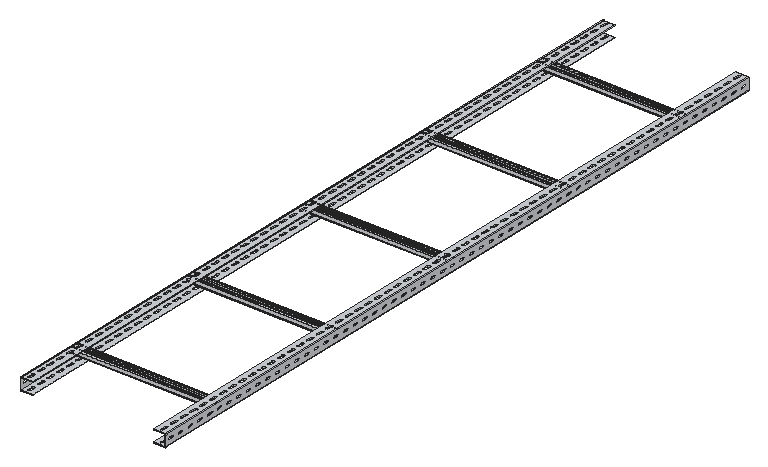
Revit family "steigeleiter_6_FT_FTSO_FTK_A2_A4.600rfa", category Generic Models, Revit 2017 (continued)
Forms (mm)
  Extrusion 150, void
    sketch origin (0, 1400, 0) x (1, 0, 0) y (0, 1, 0)
      loop
        arc (-280.5, 15.5) -> (-275, 10) -> (-269.5, 15.5) r 5.5
        line (-269.5, 15.5) -> (-269.5, 34.5)
        arc (-269.5, 34.5) -> (-275, 40) -> (-280.5, 34.5) r 5.5
        line (-280.5, 34.5) -> (-280.5, 15.5)
    from 0 to 2.5
  Extrusion 151, void
    sketch origin (0, 1450, 0) x (1, 0, 0) y (0, 1, 0)
      loop
        arc (-280.5, 15.5) -> (-275, 10) -> (-269.5, 15.5) r 5.5
        line (-269.5, 15.5) -> (-269.5, 34.5)
        arc (-269.5, 34.5) -> (-275, 40) -> (-280.5, 34.5) r 5.5
        line (-280.5, 34.5) -> (-280.5, 15.5)
    from 0 to 2.5
  Extrusion 152, void
    sketch origin (0, 1500, 0) x (1, 0, 0) y (0, 1, 0)
      loop
        arc (-280.5, 15.5) -> (-275, 10) -> (-269.5, 15.5) r 5.5
        line (-269.5, 15.5) -> (-269.5, 34.5)
        arc (-269.5, 34.5) -> (-275, 40) -> (-280.5, 34.5) r 5.5
        line (-280.5, 34.5) -> (-280.5, 15.5)
    from 0 to 2.5
  Extrusion 153, void
    sketch origin (0, 1550, 0) x (1, 0, 0) y (0, 1, 0)
      loop
        arc (-280.5, 15.5) -> (-275, 10) -> (-269.5, 15.5) r 5.5
        line (-269.5, 15.5) -> (-269.5, 34.5)
        arc (-269.5, 34.5) -> (-275, 40) -> (-280.5, 34.5) r 5.5
        line (-280.5, 34.5) -> (-280.5, 15.5)
    from 0 to 2.5
  Extrusion 154, void
    sketch origin (0, 1600, 0) x (1, 0, 0) y (0, 1, 0)
      loop
        arc (-280.5, 15.5) -> (-275, 10) -> (-269.5, 15.5) r 5.5
        line (-269.5, 15.5) -> (-269.5, 34.5)
        arc (-269.5, 34.5) -> (-275, 40) -> (-280.5, 34.5) r 5.5
        line (-280.5, 34.5) -> (-280.5, 15.5)
    from 0 to 2.5
  Extrusion 155, void
    sketch origin (0, 1650, 0) x (1, 0, 0) y (0, 1, 0)
      loop
        arc (-280.5, 15.5) -> (-275, 10) -> (-269.5, 15.5) r 5.5
        line (-269.5, 15.5) -> (-269.5, 34.5)
        arc (-269.5, 34.5) -> (-275, 40) -> (-280.5, 34.5) r 5.5
        line (-280.5, 34.5) -> (-280.5, 15.5)
    from 0 to 2.5
  Extrusion 156, void
    sketch origin (0, 1700, 0) x (1, 0, 0) y (0, 1, 0)
      loop
        arc (-280.5, 15.5) -> (-275, 10) -> (-269.5, 15.5) r 5.5
        line (-269.5, 15.5) -> (-269.5, 34.5)
        arc (-269.5, 34.5) -> (-275, 40) -> (-280.5, 34.5) r 5.5
        line (-280.5, 34.5) -> (-280.5, 15.5)
    from 0 to 2.5
  Extrusion 157, void
    sketch origin (0, 1750, 0) x (1, 0, 0) y (0, 1, 0)
      loop
        arc (-280.5, 15.5) -> (-275, 10) -> (-269.5, 15.5) r 5.5
        line (-269.5, 15.5) -> (-269.5, 34.5)
        arc (-269.5, 34.5) -> (-275, 40) -> (-280.5, 34.5) r 5.5
        line (-280.5, 34.5) -> (-280.5, 15.5)
    from 0 to 2.5
  Extrusion 158, void
    sketch origin (0, 1800, 0) x (1, 0, 0) y (0, 1, 0)
      loop
        arc (-280.5, 15.5) -> (-275, 10) -> (-269.5, 15.5) r 5.5
        line (-269.5, 15.5) -> (-269.5, 34.5)
        arc (-269.5, 34.5) -> (-275, 40) -> (-280.5, 34.5) r 5.5
        line (-280.5, 34.5) -> (-280.5, 15.5)
    from 0 to 2.5
  Extrusion 159, void
    sketch origin (0, 1850, 0) x (1, 0, 0) y (0, 1, 0)
      loop
        arc (-280.5, 15.5) -> (-275, 10) -> (-269.5, 15.5) r 5.5
        line (-269.5, 15.5) -> (-269.5, 34.5)
        arc (-269.5, 34.5) -> (-275, 40) -> (-280.5, 34.5) r 5.5
        line (-280.5, 34.5) -> (-280.5, 15.5)
    from 0 to 2.5
  Extrusion 160, void
    sketch origin (0, 1900, 0) x (1, 0, 0) y (0, 1, 0)
      loop
        arc (-280.5, 15.5) -> (-275, 10) -> (-269.5, 15.5) r 5.5
        line (-269.5, 15.5) -> (-269.5, 34.5)
        arc (-269.5, 34.5) -> (-275, 40) -> (-280.5, 34.5) r 5.5
        line (-280.5, 34.5) -> (-280.5, 15.5)
    from 0 to 2.5
  Extrusion 161, void
    sketch origin (0, 1950, 0) x (1, 0, 0) y (0, 1, 0)
      loop
        arc (-280.5, 15.5) -> (-275, 10) -> (-269.5, 15.5) r 5.5
        line (-269.5, 15.5) -> (-269.5, 34.5)
        arc (-269.5, 34.5) -> (-275, 40) -> (-280.5, 34.5) r 5.5
        line (-280.5, 34.5) -> (-280.5, 15.5)
    from 0 to 2.5
  Extrusion 162, void
    sketch origin (0, 2000, 0) x (1, 0, 0) y (0, 1, 0)
      loop
        arc (-280.5, 15.5) -> (-275, 10) -> (-269.5, 15.5) r 5.5
        line (-269.5, 15.5) -> (-269.5, 34.5)
        arc (-269.5, 34.5) -> (-275, 40) -> (-280.5, 34.5) r 5.5
        line (-280.5, 34.5) -> (-280.5, 15.5)
    from 0 to 2.5
  Extrusion 163, void
    sketch origin (0, 2050, 0) x (1, 0, 0) y (0, 1, 0)
      loop
        arc (-280.5, 15.5) -> (-275, 10) -> (-269.5, 15.5) r 5.5
        line (-269.5, 15.5) -> (-269.5, 34.5)
        arc (-269.5, 34.5) -> (-275, 40) -> (-280.5, 34.5) r 5.5
        line (-280.5, 34.5) -> (-280.5, 15.5)
    from 0 to 2.5
  Extrusion 164, void
    sketch origin (0, 2100, 0) x (1, 0, 0) y (0, 1, 0)
      loop
        arc (-280.5, 15.5) -> (-275, 10) -> (-269.5, 15.5) r 5.5
        line (-269.5, 15.5) -> (-269.5, 34.5)
        arc (-269.5, 34.5) -> (-275, 40) -> (-280.5, 34.5) r 5.5
        line (-280.5, 34.5) -> (-280.5, 15.5)
    from 0 to 2.5
  Extrusion 165, void
    sketch origin (0, 2150, 0) x (1, 0, 0) y (0, 1, 0)
      loop
        arc (-280.5, 15.5) -> (-275, 10) -> (-269.5, 15.5) r 5.5
        line (-269.5, 15.5) -> (-269.5, 34.5)
        arc (-269.5, 34.5) -> (-275, 40) -> (-280.5, 34.5) r 5.5
        line (-280.5, 34.5) -> (-280.5, 15.5)
    from 0 to 2.5
  Extrusion 166, void
    sketch origin (0, 2200, 0) x (1, 0, 0) y (0, 1, 0)
      loop
        arc (-280.5, 15.5) -> (-275, 10) -> (-269.5, 15.5) r 5.5
        line (-269.5, 15.5) -> (-269.5, 34.5)
        arc (-269.5, 34.5) -> (-275, 40) -> (-280.5, 34.5) r 5.5
        line (-280.5, 34.5) -> (-280.5, 15.5)
    from 0 to 2.5
  Extrusion 167, void
    sketch origin (0, 2250, 0) x (1, 0, 0) y (0, 1, 0)
      loop
        arc (-280.5, 15.5) -> (-275, 10) -> (-269.5, 15.5) r 5.5
        line (-269.5, 15.5) -> (-269.5, 34.5)
        arc (-269.5, 34.5) -> (-275, 40) -> (-280.5, 34.5) r 5.5
        line (-280.5, 34.5) -> (-280.5, 15.5)
    from 0 to 2.5
  Extrusion 168, void
    sketch origin (0, 2300, 0) x (1, 0, 0) y (0, 1, 0)
      loop
        arc (-280.5, 15.5) -> (-275, 10) -> (-269.5, 15.5) r 5.5
        line (-269.5, 15.5) -> (-269.5, 34.5)
        arc (-269.5, 34.5) -> (-275, 40) -> (-280.5, 34.5) r 5.5
        line (-280.5, 34.5) -> (-280.5, 15.5)
    from 0 to 2.5
  Extrusion 169, void
    sketch origin (0, 2350, 0) x (1, 0, 0) y (0, 1, 0)
      loop
        arc (-280.5, 15.5) -> (-275, 10) -> (-269.5, 15.5) r 5.5
        line (-269.5, 15.5) -> (-269.5, 34.5)
        arc (-269.5, 34.5) -> (-275, 40) -> (-280.5, 34.5) r 5.5
        line (-280.5, 34.5) -> (-280.5, 15.5)
    from 0 to 2.5
  Extrusion 170, void
    sketch origin (0, 2400, 0) x (1, 0, 0) y (0, 1, 0)
      loop
        arc (-280.5, 15.5) -> (-275, 10) -> (-269.5, 15.5) r 5.5
        line (-269.5, 15.5) -> (-269.5, 34.5)
        arc (-269.5, 34.5) -> (-275, 40) -> (-280.5, 34.5) r 5.5
        line (-280.5, 34.5) -> (-280.5, 15.5)
    from 0 to 2.5
  Extrusion 171, void
    sketch origin (0, 2450, 0) x (1, 0, 0) y (0, 1, 0)
      loop
        arc (-280.5, 15.5) -> (-275, 10) -> (-269.5, 15.5) r 5.5
        line (-269.5, 15.5) -> (-269.5, 34.5)
        arc (-269.5, 34.5) -> (-275, 40) -> (-280.5, 34.5) r 5.5
        line (-280.5, 34.5) -> (-280.5, 15.5)
    from 0 to 2.5
  Extrusion 172, void
    sketch origin (0, 2500, 0) x (1, 0, 0) y (0, 1, 0)
      loop
        arc (-280.5, 15.5) -> (-275, 10) -> (-269.5, 15.5) r 5.5
        line (-269.5, 15.5) -> (-269.5, 34.5)
        arc (-269.5, 34.5) -> (-275, 40) -> (-280.5, 34.5) r 5.5
        line (-280.5, 34.5) -> (-280.5, 15.5)
    from 0 to 2.5
  Extrusion 173, void
    sketch origin (0, 2550, 0) x (1, 0, 0) y (0, 1, 0)
      loop
        arc (-280.5, 15.5) -> (-275, 10) -> (-269.5, 15.5) r 5.5
        line (-269.5, 15.5) -> (-269.5, 34.5)
        arc (-269.5, 34.5) -> (-275, 40) -> (-280.5, 34.5) r 5.5
        line (-280.5, 34.5) -> (-280.5, 15.5)
    from 0 to 2.5
  Extrusion 174, void
    sketch origin (0, 2600, 0) x (1, 0, 0) y (0, 1, 0)
      loop
        arc (-280.5, 15.5) -> (-275, 10) -> (-269.5, 15.5) r 5.5
        line (-269.5, 15.5) -> (-269.5, 34.5)
        arc (-269.5, 34.5) -> (-275, 40) -> (-280.5, 34.5) r 5.5
        line (-280.5, 34.5) -> (-280.5, 15.5)
    from 0 to 2.5
  Extrusion 175, void
    sketch origin (0, 2650, 0) x (1, 0, 0) y (0, 1, 0)
      loop
        arc (-280.5, 15.5) -> (-275, 10) -> (-269.5, 15.5) r 5.5
        line (-269.5, 15.5) -> (-269.5, 34.5)
        arc (-269.5, 34.5) -> (-275, 40) -> (-280.5, 34.5) r 5.5
        line (-280.5, 34.5) -> (-280.5, 15.5)
    from 0 to 2.5
  Extrusion 176, void
    sketch origin (0, 2700, 0) x (1, 0, 0) y (0, 1, 0)
      loop
        arc (-280.5, 15.5) -> (-275, 10) -> (-269.5, 15.5) r 5.5
        line (-269.5, 15.5) -> (-269.5, 34.5)
        arc (-269.5, 34.5) -> (-275, 40) -> (-280.5, 34.5) r 5.5
        line (-280.5, 34.5) -> (-280.5, 15.5)
    from 0 to 2.5
  Extrusion 177, void
    sketch origin (0, 2750, 0) x (1, 0, 0) y (0, 1, 0)
      loop
        arc (-280.5, 15.5) -> (-275, 10) -> (-269.5, 15.5) r 5.5
        line (-269.5, 15.5) -> (-269.5, 34.5)
        arc (-269.5, 34.5) -> (-275, 40) -> (-280.5, 34.5) r 5.5
        line (-280.5, 34.5) -> (-280.5, 15.5)
    from 0 to 2.5
  Extrusion 178, void
    sketch origin (0, 2800, 0) x (1, 0, 0) y (0, 1, 0)
      loop
        arc (-280.5, 15.5) -> (-275, 10) -> (-269.5, 15.5) r 5.5
        line (-269.5, 15.5) -> (-269.5, 34.5)
        arc (-269.5, 34.5) -> (-275, 40) -> (-280.5, 34.5) r 5.5
        line (-280.5, 34.5) -> (-280.5, 15.5)
    from 0 to 2.5
  Extrusion 179, void
    sketch origin (0, 2850, 0) x (1, 0, 0) y (0, 1, 0)
      loop
        arc (-280.5, 15.5) -> (-275, 10) -> (-269.5, 15.5) r 5.5
        line (-269.5, 15.5) -> (-269.5, 34.5)
        arc (-269.5, 34.5) -> (-275, 40) -> (-280.5, 34.5) r 5.5
        line (-280.5, 34.5) -> (-280.5, 15.5)
    from 0 to 2.5
  Extrusion 180, void
    sketch origin (0, 2900, 0) x (1, 0, 0) y (0, 1, 0)
      loop
        arc (-280.5, 15.5) -> (-275, 10) -> (-269.5, 15.5) r 5.5
        line (-269.5, 15.5) -> (-269.5, 34.5)
        arc (-269.5, 34.5) -> (-275, 40) -> (-280.5, 34.5) r 5.5
        line (-280.5, 34.5) -> (-280.5, 15.5)
    from 0 to 2.5
  Extrusion 181, void
    sketch origin (0, 2950, 0) x (1, 0, 0) y (0, 1, 0)
      loop
        arc (-280.5, 15.5) -> (-275, 10) -> (-269.5, 15.5) r 5.5
        line (-269.5, 15.5) -> (-269.5, 34.5)
        arc (-269.5, 34.5) -> (-275, 40) -> (-280.5, 34.5) r 5.5
        line (-280.5, 34.5) -> (-280.5, 15.5)
    from 0 to 2.5
  Extrusion 182, void
    sketch origin (0, 0, 0) x (1, 0, 0) y (0, 1, 0)
      loop
        arc (269.5, 15.5) -> (275, 10) -> (280.5, 15.5) r 5.5
        line (280.5, 15.5) -> (280.5, 34.5)
        arc (280.5, 34.5) -> (275, 40) -> (269.5, 34.5) r 5.5
        line (269.5, 34.5) -> (269.5, 15.5)
    from 0 to 2.5
  Extrusion 183, void
    sketch origin (0, 50, 0) x (1, 0, 0) y (0, 1, 0)
      loop
        arc (269.5, 15.5) -> (275, 10) -> (280.5, 15.5) r 5.5
        line (280.5, 15.5) -> (280.5, 34.5)
        arc (280.5, 34.5) -> (275, 40) -> (269.5, 34.5) r 5.5
        line (269.5, 34.5) -> (269.5, 15.5)
    from 0 to 2.5
  Extrusion 184, void
    sketch origin (0, 100, 0) x (1, 0, 0) y (0, 1, 0)
      loop
        arc (269.5, 15.5) -> (275, 10) -> (280.5, 15.5) r 5.5
        line (280.5, 15.5) -> (280.5, 34.5)
        arc (280.5, 34.5) -> (275, 40) -> (269.5, 34.5) r 5.5
        line (269.5, 34.5) -> (269.5, 15.5)
    from 0 to 2.5
  Extrusion 185, void
    sketch origin (0, 150, 0) x (1, 0, 0) y (0, 1, 0)
      loop
        arc (269.5, 15.5) -> (275, 10) -> (280.5, 15.5) r 5.5
        line (280.5, 15.5) -> (280.5, 34.5)
        arc (280.5, 34.5) -> (275, 40) -> (269.5, 34.5) r 5.5
        line (269.5, 34.5) -> (269.5, 15.5)
    from 0 to 2.5
  Extrusion 186, void
    sketch origin (0, 200, 0) x (1, 0, 0) y (0, 1, 0)
      loop
        arc (269.5, 15.5) -> (275, 10) -> (280.5, 15.5) r 5.5
        line (280.5, 15.5) -> (280.5, 34.5)
        arc (280.5, 34.5) -> (275, 40) -> (269.5, 34.5) r 5.5
        line (269.5, 34.5) -> (269.5, 15.5)
    from 0 to 2.5
  Extrusion 187, void
    sketch origin (0, 250, 0) x (1, 0, 0) y (0, 1, 0)
      loop
        arc (269.5, 15.5) -> (275, 10) -> (280.5, 15.5) r 5.5
        line (280.5, 15.5) -> (280.5, 34.5)
        arc (280.5, 34.5) -> (275, 40) -> (269.5, 34.5) r 5.5
        line (269.5, 34.5) -> (269.5, 15.5)
    from 0 to 2.5
  Extrusion 188, void
    sketch origin (0, 300, 0) x (1, 0, 0) y (0, 1, 0)
      loop
        arc (269.5, 15.5) -> (275, 10) -> (280.5, 15.5) r 5.5
        line (280.5, 15.5) -> (280.5, 34.5)
        arc (280.5, 34.5) -> (275, 40) -> (269.5, 34.5) r 5.5
        line (269.5, 34.5) -> (269.5, 15.5)
    from 0 to 2.5
  Extrusion 189, void
    sketch origin (0, 350, 0) x (1, 0, 0) y (0, 1, 0)
      loop
        arc (269.5, 15.5) -> (275, 10) -> (280.5, 15.5) r 5.5
        line (280.5, 15.5) -> (280.5, 34.5)
        arc (280.5, 34.5) -> (275, 40) -> (269.5, 34.5) r 5.5
        line (269.5, 34.5) -> (269.5, 15.5)
    from 0 to 2.5
  Extrusion 190, void
    sketch origin (0, 400, 0) x (1, 0, 0) y (0, 1, 0)
      loop
        arc (269.5, 15.5) -> (275, 10) -> (280.5, 15.5) r 5.5
        line (280.5, 15.5) -> (280.5, 34.5)
        arc (280.5, 34.5) -> (275, 40) -> (269.5, 34.5) r 5.5
        line (269.5, 34.5) -> (269.5, 15.5)
    from 0 to 2.5
  Extrusion 191, void
    sketch origin (0, 450, 0) x (1, 0, 0) y (0, 1, 0)
      loop
        arc (269.5, 15.5) -> (275, 10) -> (280.5, 15.5) r 5.5
        line (280.5, 15.5) -> (280.5, 34.5)
        arc (280.5, 34.5) -> (275, 40) -> (269.5, 34.5) r 5.5
        line (269.5, 34.5) -> (269.5, 15.5)
    from 0 to 2.5
  Extrusion 192, void
    sketch origin (0, 500, 0) x (1, 0, 0) y (0, 1, 0)
      loop
        arc (269.5, 15.5) -> (275, 10) -> (280.5, 15.5) r 5.5
        line (280.5, 15.5) -> (280.5, 34.5)
        arc (280.5, 34.5) -> (275, 40) -> (269.5, 34.5) r 5.5
        line (269.5, 34.5) -> (269.5, 15.5)
    from 0 to 2.5
  Extrusion 193, void
    sketch origin (0, 550, 0) x (1, 0, 0) y (0, 1, 0)
      loop
        arc (269.5, 15.5) -> (275, 10) -> (280.5, 15.5) r 5.5
        line (280.5, 15.5) -> (280.5, 34.5)
        arc (280.5, 34.5) -> (275, 40) -> (269.5, 34.5) r 5.5
        line (269.5, 34.5) -> (269.5, 15.5)
    from 0 to 2.5
  Extrusion 194, void
    sketch origin (0, 600, 0) x (1, 0, 0) y (0, 1, 0)
      loop
        arc (269.5, 15.5) -> (275, 10) -> (280.5, 15.5) r 5.5
        line (280.5, 15.5) -> (280.5, 34.5)
        arc (280.5, 34.5) -> (275, 40) -> (269.5, 34.5) r 5.5
        line (269.5, 34.5) -> (269.5, 15.5)
    from 0 to 2.5
  Extrusion 195, void
    sketch origin (0, 650, 0) x (1, 0, 0) y (0, 1, 0)
      loop
        arc (269.5, 15.5) -> (275, 10) -> (280.5, 15.5) r 5.5
        line (280.5, 15.5) -> (280.5, 34.5)
        arc (280.5, 34.5) -> (275, 40) -> (269.5, 34.5) r 5.5
        line (269.5, 34.5) -> (269.5, 15.5)
    from 0 to 2.5
  Extrusion 196, void
    sketch origin (0, 700, 0) x (1, 0, 0) y (0, 1, 0)
      loop
        arc (269.5, 15.5) -> (275, 10) -> (280.5, 15.5) r 5.5
        line (280.5, 15.5) -> (280.5, 34.5)
        arc (280.5, 34.5) -> (275, 40) -> (269.5, 34.5) r 5.5
        line (269.5, 34.5) -> (269.5, 15.5)
    from 0 to 2.5
  Extrusion 197, void
    sketch origin (0, 750, 0) x (1, 0, 0) y (0, 1, 0)
      loop
        arc (269.5, 15.5) -> (275, 10) -> (280.5, 15.5) r 5.5
        line (280.5, 15.5) -> (280.5, 34.5)
        arc (280.5, 34.5) -> (275, 40) -> (269.5, 34.5) r 5.5
        line (269.5, 34.5) -> (269.5, 15.5)
    from 0 to 2.5
  Extrusion 198, void
    sketch origin (0, 800, 0) x (1, 0, 0) y (0, 1, 0)
      loop
        arc (269.5, 15.5) -> (275, 10) -> (280.5, 15.5) r 5.5
        line (280.5, 15.5) -> (280.5, 34.5)
        arc (280.5, 34.5) -> (275, 40) -> (269.5, 34.5) r 5.5
        line (269.5, 34.5) -> (269.5, 15.5)
    from 0 to 2.5
  Extrusion 199, void
    sketch origin (0, 850, 0) x (1, 0, 0) y (0, 1, 0)
      loop
        arc (269.5, 15.5) -> (275, 10) -> (280.5, 15.5) r 5.5
        line (280.5, 15.5) -> (280.5, 34.5)
        arc (280.5, 34.5) -> (275, 40) -> (269.5, 34.5) r 5.5
        line (269.5, 34.5) -> (269.5, 15.5)
    from 0 to 2.5
  Extrusion 200, void
    sketch origin (0, 900, 0) x (1, 0, 0) y (0, 1, 0)
      loop
        arc (269.5, 15.5) -> (275, 10) -> (280.5, 15.5) r 5.5
        line (280.5, 15.5) -> (280.5, 34.5)
        arc (280.5, 34.5) -> (275, 40) -> (269.5, 34.5) r 5.5
        line (269.5, 34.5) -> (269.5, 15.5)
    from 0 to 2.5
  Extrusion 201, void
    sketch origin (0, 950, 0) x (1, 0, 0) y (0, 1, 0)
      loop
        arc (269.5, 15.5) -> (275, 10) -> (280.5, 15.5) r 5.5
        line (280.5, 15.5) -> (280.5, 34.5)
        arc (280.5, 34.5) -> (275, 40) -> (269.5, 34.5) r 5.5
        line (269.5, 34.5) -> (269.5, 15.5)
    from 0 to 2.5
  Extrusion 202, void
    sketch origin (0, 1000, 0) x (1, 0, 0) y (0, 1, 0)
      loop
        arc (269.5, 15.5) -> (275, 10) -> (280.5, 15.5) r 5.5
        line (280.5, 15.5) -> (280.5, 34.5)
        arc (280.5, 34.5) -> (275, 40) -> (269.5, 34.5) r 5.5
        line (269.5, 34.5) -> (269.5, 15.5)
    from 0 to 2.5
  Extrusion 203, void
    sketch origin (0, 1050, 0) x (1, 0, 0) y (0, 1, 0)
      loop
        arc (269.5, 15.5) -> (275, 10) -> (280.5, 15.5) r 5.5
        line (280.5, 15.5) -> (280.5, 34.5)
        arc (280.5, 34.5) -> (275, 40) -> (269.5, 34.5) r 5.5
        line (269.5, 34.5) -> (269.5, 15.5)
    from 0 to 2.5
  Extrusion 204, void
    sketch origin (0, 1100, 0) x (1, 0, 0) y (0, 1, 0)
      loop
        arc (269.5, 15.5) -> (275, 10) -> (280.5, 15.5) r 5.5
        line (280.5, 15.5) -> (280.5, 34.5)
        arc (280.5, 34.5) -> (275, 40) -> (269.5, 34.5) r 5.5
        line (269.5, 34.5) -> (269.5, 15.5)
    from 0 to 2.5
  Extrusion 205, void
    sketch origin (0, 1150, 0) x (1, 0, 0) y (0, 1, 0)
      loop
        arc (269.5, 15.5) -> (275, 10) -> (280.5, 15.5) r 5.5
        line (280.5, 15.5) -> (280.5, 34.5)
        arc (280.5, 34.5) -> (275, 40) -> (269.5, 34.5) r 5.5
        line (269.5, 34.5) -> (269.5, 15.5)
    from 0 to 2.5
  Extrusion 206, void
    sketch origin (0, 1200, 0) x (1, 0, 0) y (0, 1, 0)
      loop
        arc (269.5, 15.5) -> (275, 10) -> (280.5, 15.5) r 5.5
        line (280.5, 15.5) -> (280.5, 34.5)
        arc (280.5, 34.5) -> (275, 40) -> (269.5, 34.5) r 5.5
        line (269.5, 34.5) -> (269.5, 15.5)
    from 0 to 2.5
  Extrusion 207, void
    sketch origin (0, 1250, 0) x (1, 0, 0) y (0, 1, 0)
      loop
        arc (269.5, 15.5) -> (275, 10) -> (280.5, 15.5) r 5.5
        line (280.5, 15.5) -> (280.5, 34.5)
        arc (280.5, 34.5) -> (275, 40) -> (269.5, 34.5) r 5.5
        line (269.5, 34.5) -> (269.5, 15.5)
    from 0 to 2.5
  Extrusion 208, void
    sketch origin (0, 1300, 0) x (1, 0, 0) y (0, 1, 0)
      loop
        arc (269.5, 15.5) -> (275, 10) -> (280.5, 15.5) r 5.5
        line (280.5, 15.5) -> (280.5, 34.5)
        arc (280.5, 34.5) -> (275, 40) -> (269.5, 34.5) r 5.5
        line (269.5, 34.5) -> (269.5, 15.5)
    from 0 to 2.5
  Extrusion 209, void
    sketch origin (0, 1350, 0) x (1, 0, 0) y (0, 1, 0)
      loop
        arc (269.5, 15.5) -> (275, 10) -> (280.5, 15.5) r 5.5
        line (280.5, 15.5) -> (280.5, 34.5)
        arc (280.5, 34.5) -> (275, 40) -> (269.5, 34.5) r 5.5
        line (269.5, 34.5) -> (269.5, 15.5)
    from 0 to 2.5
  Extrusion 210, void
    sketch origin (0, 1400, 0) x (1, 0, 0) y (0, 1, 0)
      loop
        arc (269.5, 15.5) -> (275, 10) -> (280.5, 15.5) r 5.5
        line (280.5, 15.5) -> (280.5, 34.5)
        arc (280.5, 34.5) -> (275, 40) -> (269.5, 34.5) r 5.5
        line (269.5, 34.5) -> (269.5, 15.5)
    from 0 to 2.5
  Extrusion 211, void
    sketch origin (0, 1450, 0) x (1, 0, 0) y (0, 1, 0)
      loop
        arc (269.5, 15.5) -> (275, 10) -> (280.5, 15.5) r 5.5
        line (280.5, 15.5) -> (280.5, 34.5)
        arc (280.5, 34.5) -> (275, 40) -> (269.5, 34.5) r 5.5
        line (269.5, 34.5) -> (269.5, 15.5)
    from 0 to 2.5
  Extrusion 212, void
    sketch origin (0, 1500, 0) x (1, 0, 0) y (0, 1, 0)
      loop
        arc (269.5, 15.5) -> (275, 10) -> (280.5, 15.5) r 5.5
        line (280.5, 15.5) -> (280.5, 34.5)
        arc (280.5, 34.5) -> (275, 40) -> (269.5, 34.5) r 5.5
        line (269.5, 34.5) -> (269.5, 15.5)
    from 0 to 2.5
  Extrusion 213, void
    sketch origin (0, 1550, 0) x (1, 0, 0) y (0, 1, 0)
      loop
        arc (269.5, 15.5) -> (275, 10) -> (280.5, 15.5) r 5.5
        line (280.5, 15.5) -> (280.5, 34.5)
        arc (280.5, 34.5) -> (275, 40) -> (269.5, 34.5) r 5.5
        line (269.5, 34.5) -> (269.5, 15.5)
    from 0 to 2.5
  Extrusion 214, void
    sketch origin (0, 1600, 0) x (1, 0, 0) y (0, 1, 0)
      loop
        arc (269.5, 15.5) -> (275, 10) -> (280.5, 15.5) r 5.5
        line (280.5, 15.5) -> (280.5, 34.5)
        arc (280.5, 34.5) -> (275, 40) -> (269.5, 34.5) r 5.5
        line (269.5, 34.5) -> (269.5, 15.5)
    from 0 to 2.5
  Extrusion 215, void
    sketch origin (0, 1650, 0) x (1, 0, 0) y (0, 1, 0)
      loop
        arc (269.5, 15.5) -> (275, 10) -> (280.5, 15.5) r 5.5
        line (280.5, 15.5) -> (280.5, 34.5)
        arc (280.5, 34.5) -> (275, 40) -> (269.5, 34.5) r 5.5
        line (269.5, 34.5) -> (269.5, 15.5)
    from 0 to 2.5
  Extrusion 216, void
    sketch origin (0, 1700, 0) x (1, 0, 0) y (0, 1, 0)
      loop
        arc (269.5, 15.5) -> (275, 10) -> (280.5, 15.5) r 5.5
        line (280.5, 15.5) -> (280.5, 34.5)
        arc (280.5, 34.5) -> (275, 40) -> (269.5, 34.5) r 5.5
        line (269.5, 34.5) -> (269.5, 15.5)
    from 0 to 2.5
  Extrusion 217, void
    sketch origin (0, 1750, 0) x (1, 0, 0) y (0, 1, 0)
      loop
        arc (269.5, 15.5) -> (275, 10) -> (280.5, 15.5) r 5.5
        line (280.5, 15.5) -> (280.5, 34.5)
        arc (280.5, 34.5) -> (275, 40) -> (269.5, 34.5) r 5.5
        line (269.5, 34.5) -> (269.5, 15.5)
    from 0 to 2.5
  Extrusion 218, void
    sketch origin (0, 1800, 0) x (1, 0, 0) y (0, 1, 0)
      loop
        arc (269.5, 15.5) -> (275, 10) -> (280.5, 15.5) r 5.5
        line (280.5, 15.5) -> (280.5, 34.5)
        arc (280.5, 34.5) -> (275, 40) -> (269.5, 34.5) r 5.5
        line (269.5, 34.5) -> (269.5, 15.5)
    from 0 to 2.5
  Extrusion 219, void
    sketch origin (0, 1850, 0) x (1, 0, 0) y (0, 1, 0)
      loop
        arc (269.5, 15.5) -> (275, 10) -> (280.5, 15.5) r 5.5
        line (280.5, 15.5) -> (280.5, 34.5)
        arc (280.5, 34.5) -> (275, 40) -> (269.5, 34.5) r 5.5
        line (269.5, 34.5) -> (269.5, 15.5)
    from 0 to 2.5
  Extrusion 220, void
    sketch origin (0, 1900, 0) x (1, 0, 0) y (0, 1, 0)
      loop
        arc (269.5, 15.5) -> (275, 10) -> (280.5, 15.5) r 5.5
        line (280.5, 15.5) -> (280.5, 34.5)
        arc (280.5, 34.5) -> (275, 40) -> (269.5, 34.5) r 5.5
        line (269.5, 34.5) -> (269.5, 15.5)
    from 0 to 2.5
  Extrusion 221, void
    sketch origin (0, 1950, 0) x (1, 0, 0) y (0, 1, 0)
      loop
        arc (269.5, 15.5) -> (275, 10) -> (280.5, 15.5) r 5.5
        line (280.5, 15.5) -> (280.5, 34.5)
        arc (280.5, 34.5) -> (275, 40) -> (269.5, 34.5) r 5.5
        line (269.5, 34.5) -> (269.5, 15.5)
    from 0 to 2.5
  Extrusion 222, void
    sketch origin (0, 2000, 0) x (1, 0, 0) y (0, 1, 0)
      loop
        arc (269.5, 15.5) -> (275, 10) -> (280.5, 15.5) r 5.5
        line (280.5, 15.5) -> (280.5, 34.5)
        arc (280.5, 34.5) -> (275, 40) -> (269.5, 34.5) r 5.5
        line (269.5, 34.5) -> (269.5, 15.5)
    from 0 to 2.5
  Extrusion 223, void
    sketch origin (0, 2050, 0) x (1, 0, 0) y (0, 1, 0)
      loop
        arc (269.5, 15.5) -> (275, 10) -> (280.5, 15.5) r 5.5
        line (280.5, 15.5) -> (280.5, 34.5)
        arc (280.5, 34.5) -> (275, 40) -> (269.5, 34.5) r 5.5
        line (269.5, 34.5) -> (269.5, 15.5)
    from 0 to 2.5
  Extrusion 224, void
    sketch origin (0, 2100, 0) x (1, 0, 0) y (0, 1, 0)
      loop
        arc (269.5, 15.5) -> (275, 10) -> (280.5, 15.5) r 5.5
        line (280.5, 15.5) -> (280.5, 34.5)
        arc (280.5, 34.5) -> (275, 40) -> (269.5, 34.5) r 5.5
        line (269.5, 34.5) -> (269.5, 15.5)
    from 0 to 2.5
  Extrusion 225, void
    sketch origin (0, 2150, 0) x (1, 0, 0) y (0, 1, 0)
      loop
        arc (269.5, 15.5) -> (275, 10) -> (280.5, 15.5) r 5.5
        line (280.5, 15.5) -> (280.5, 34.5)
        arc (280.5, 34.5) -> (275, 40) -> (269.5, 34.5) r 5.5
        line (269.5, 34.5) -> (269.5, 15.5)
    from 0 to 2.5
  Extrusion 226, void
    sketch origin (0, 2200, 0) x (1, 0, 0) y (0, 1, 0)
      loop
        arc (269.5, 15.5) -> (275, 10) -> (280.5, 15.5) r 5.5
        line (280.5, 15.5) -> (280.5, 34.5)
        arc (280.5, 34.5) -> (275, 40) -> (269.5, 34.5) r 5.5
        line (269.5, 34.5) -> (269.5, 15.5)
    from 0 to 2.5
  Extrusion 227, void
    sketch origin (0, 2250, 0) x (1, 0, 0) y (0, 1, 0)
      loop
        arc (269.5, 15.5) -> (275, 10) -> (280.5, 15.5) r 5.5
        line (280.5, 15.5) -> (280.5, 34.5)
        arc (280.5, 34.5) -> (275, 40) -> (269.5, 34.5) r 5.5
        line (269.5, 34.5) -> (269.5, 15.5)
    from 0 to 2.5
  Extrusion 228, void
    sketch origin (0, 2300, 0) x (1, 0, 0) y (0, 1, 0)
      loop
        arc (269.5, 15.5) -> (275, 10) -> (280.5, 15.5) r 5.5
        line (280.5, 15.5) -> (280.5, 34.5)
        arc (280.5, 34.5) -> (275, 40) -> (269.5, 34.5) r 5.5
        line (269.5, 34.5) -> (269.5, 15.5)
    from 0 to 2.5
  Extrusion 229, void
    sketch origin (0, 2350, 0) x (1, 0, 0) y (0, 1, 0)
      loop
        arc (269.5, 15.5) -> (275, 10) -> (280.5, 15.5) r 5.5
        line (280.5, 15.5) -> (280.5, 34.5)
        arc (280.5, 34.5) -> (275, 40) -> (269.5, 34.5) r 5.5
        line (269.5, 34.5) -> (269.5, 15.5)
    from 0 to 2.5
  Extrusion 230, void
    sketch origin (0, 2400, 0) x (1, 0, 0) y (0, 1, 0)
      loop
        arc (269.5, 15.5) -> (275, 10) -> (280.5, 15.5) r 5.5
        line (280.5, 15.5) -> (280.5, 34.5)
        arc (280.5, 34.5) -> (275, 40) -> (269.5, 34.5) r 5.5
        line (269.5, 34.5) -> (269.5, 15.5)
    from 0 to 2.5
  Extrusion 231, void
    sketch origin (0, 2450, 0) x (1, 0, 0) y (0, 1, 0)
      loop
        arc (269.5, 15.5) -> (275, 10) -> (280.5, 15.5) r 5.5
        line (280.5, 15.5) -> (280.5, 34.5)
        arc (280.5, 34.5) -> (275, 40) -> (269.5, 34.5) r 5.5
        line (269.5, 34.5) -> (269.5, 15.5)
    from 0 to 2.5
  Extrusion 232, void
    sketch origin (0, 2500, 0) x (1, 0, 0) y (0, 1, 0)
      loop
        arc (269.5, 15.5) -> (275, 10) -> (280.5, 15.5) r 5.5
        line (280.5, 15.5) -> (280.5, 34.5)
        arc (280.5, 34.5) -> (275, 40) -> (269.5, 34.5) r 5.5
        line (269.5, 34.5) -> (269.5, 15.5)
    from 0 to 2.5
  Extrusion 233, void
    sketch origin (0, 2550, 0) x (1, 0, 0) y (0, 1, 0)
      loop
        arc (269.5, 15.5) -> (275, 10) -> (280.5, 15.5) r 5.5
        line (280.5, 15.5) -> (280.5, 34.5)
        arc (280.5, 34.5) -> (275, 40) -> (269.5, 34.5) r 5.5
        line (269.5, 34.5) -> (269.5, 15.5)
    from 0 to 2.5
  Extrusion 234, void
    sketch origin (0, 2600, 0) x (1, 0, 0) y (0, 1, 0)
      loop
        arc (269.5, 15.5) -> (275, 10) -> (280.5, 15.5) r 5.5
        line (280.5, 15.5) -> (280.5, 34.5)
        arc (280.5, 34.5) -> (275, 40) -> (269.5, 34.5) r 5.5
        line (269.5, 34.5) -> (269.5, 15.5)
    from 0 to 2.5
  Extrusion 235, void
    sketch origin (0, 2650, 0) x (1, 0, 0) y (0, 1, 0)
      loop
        arc (269.5, 15.5) -> (275, 10) -> (280.5, 15.5) r 5.5
        line (280.5, 15.5) -> (280.5, 34.5)
        arc (280.5, 34.5) -> (275, 40) -> (269.5, 34.5) r 5.5
        line (269.5, 34.5) -> (269.5, 15.5)
    from 0 to 2.5
  Extrusion 236, void
    sketch origin (0, 2700, 0) x (1, 0, 0) y (0, 1, 0)
      loop
        arc (269.5, 15.5) -> (275, 10) -> (280.5, 15.5) r 5.5
        line (280.5, 15.5) -> (280.5, 34.5)
        arc (280.5, 34.5) -> (275, 40) -> (269.5, 34.5) r 5.5
        line (269.5, 34.5) -> (269.5, 15.5)
    from 0 to 2.5
  Extrusion 237, void
    sketch origin (0, 2750, 0) x (1, 0, 0) y (0, 1, 0)
      loop
        arc (269.5, 15.5) -> (275, 10) -> (280.5, 15.5) r 5.5
        line (280.5, 15.5) -> (280.5, 34.5)
        arc (280.5, 34.5) -> (275, 40) -> (269.5, 34.5) r 5.5
        line (269.5, 34.5) -> (269.5, 15.5)
    from 0 to 2.5
  Extrusion 238, void
    sketch origin (0, 2800, 0) x (1, 0, 0) y (0, 1, 0)
      loop
        arc (269.5, 15.5) -> (275, 10) -> (280.5, 15.5) r 5.5
        line (280.5, 15.5) -> (280.5, 34.5)
        arc (280.5, 34.5) -> (275, 40) -> (269.5, 34.5) r 5.5
        line (269.5, 34.5) -> (269.5, 15.5)
    from 0 to 2.5
  Extrusion 239, void
    sketch origin (0, 2850, 0) x (1, 0, 0) y (0, 1, 0)
      loop
        arc (269.5, 15.5) -> (275, 10) -> (280.5, 15.5) r 5.5
        line (280.5, 15.5) -> (280.5, 34.5)
        arc (280.5, 34.5) -> (275, 40) -> (269.5, 34.5) r 5.5
        line (269.5, 34.5) -> (269.5, 15.5)
    from 0 to 2.5
  Extrusion 240, void
    sketch origin (0, 2900, 0) x (1, 0, 0) y (0, 1, 0)
      loop
        arc (269.5, 15.5) -> (275, 10) -> (280.5, 15.5) r 5.5
        line (280.5, 15.5) -> (280.5, 34.5)
        arc (280.5, 34.5) -> (275, 40) -> (269.5, 34.5) r 5.5
        line (269.5, 34.5) -> (269.5, 15.5)
    from 0 to 2.5
  Extrusion 241, void
    sketch origin (0, 2950, 0) x (1, 0, 0) y (0, 1, 0)
      loop
        arc (269.5, 15.5) -> (275, 10) -> (280.5, 15.5) r 5.5
        line (280.5, 15.5) -> (280.5, 34.5)
        arc (280.5, 34.5) -> (275, 40) -> (269.5, 34.5) r 5.5
        line (269.5, 34.5) -> (269.5, 15.5)
    from 0 to 2.5
  Extrusion 242, void
    sketch origin (0, 50, 0) x (0, 1, 0) y (0, 0, 1)
      loop
        arc (15.5, 30.5) -> (10, 25) -> (15.5, 19.5) r 5.5
        line (15.5, 19.5) -> (34.5, 19.5)
        arc (34.5, 19.5) -> (40, 25) -> (34.5, 30.5) r 5.5
        line (34.5, 30.5) -> (15.5, 30.5)
    from 297.5 to 300
  Extrusion 243, void
    sketch origin (0, 100, 0) x (0, 1, 0) y (0, 0, 1)
      loop
        arc (15.5, 30.5) -> (10, 25) -> (15.5, 19.5) r 5.5
        line (15.5, 19.5) -> (34.5, 19.5)
        arc (34.5, 19.5) -> (40, 25) -> (34.5, 30.5) r 5.5
        line (34.5, 30.5) -> (15.5, 30.5)
    from 297.5 to 300
  Extrusion 244, void
    sketch origin (0, 150, 0) x (0, 1, 0) y (0, 0, 1)
      loop
        arc (15.5, 30.5) -> (10, 25) -> (15.5, 19.5) r 5.5
        line (15.5, 19.5) -> (34.5, 19.5)
        arc (34.5, 19.5) -> (40, 25) -> (34.5, 30.5) r 5.5
        line (34.5, 30.5) -> (15.5, 30.5)
    from 297.5 to 300
  Extrusion 245, void
    sketch origin (0, 200, 0) x (0, 1, 0) y (0, 0, 1)
      loop
        arc (15.5, 30.5) -> (10, 25) -> (15.5, 19.5) r 5.5
        line (15.5, 19.5) -> (34.5, 19.5)
        arc (34.5, 19.5) -> (40, 25) -> (34.5, 30.5) r 5.5
        line (34.5, 30.5) -> (15.5, 30.5)
    from 297.5 to 300
  Extrusion 246, void
    sketch origin (0, 250, 0) x (0, 1, 0) y (0, 0, 1)
      loop
        arc (15.5, 30.5) -> (10, 25) -> (15.5, 19.5) r 5.5
        line (15.5, 19.5) -> (34.5, 19.5)
        arc (34.5, 19.5) -> (40, 25) -> (34.5, 30.5) r 5.5
        line (34.5, 30.5) -> (15.5, 30.5)
    from 297.5 to 300
  Extrusion 247, void
    sketch origin (0, 300, 0) x (0, 1, 0) y (0, 0, 1)
      loop
        arc (15.5, 30.5) -> (10, 25) -> (15.5, 19.5) r 5.5
        line (15.5, 19.5) -> (34.5, 19.5)
        arc (34.5, 19.5) -> (40, 25) -> (34.5, 30.5) r 5.5
        line (34.5, 30.5) -> (15.5, 30.5)
    from 297.5 to 300
  Extrusion 248, void
    sketch origin (0, 350, 0) x (0, 1, 0) y (0, 0, 1)
      loop
        arc (15.5, 30.5) -> (10, 25) -> (15.5, 19.5) r 5.5
        line (15.5, 19.5) -> (34.5, 19.5)
        arc (34.5, 19.5) -> (40, 25) -> (34.5, 30.5) r 5.5
        line (34.5, 30.5) -> (15.5, 30.5)
    from 297.5 to 300
  Extrusion 249, void
    sketch origin (0, 400, 0) x (0, 1, 0) y (0, 0, 1)
      loop
        arc (15.5, 30.5) -> (10, 25) -> (15.5, 19.5) r 5.5
        line (15.5, 19.5) -> (34.5, 19.5)
        arc (34.5, 19.5) -> (40, 25) -> (34.5, 30.5) r 5.5
        line (34.5, 30.5) -> (15.5, 30.5)
    from 297.5 to 300
  Extrusion 250, void
    sketch origin (0, 450, 0) x (0, 1, 0) y (0, 0, 1)
      loop
        arc (15.5, 30.5) -> (10, 25) -> (15.5, 19.5) r 5.5
        line (15.5, 19.5) -> (34.5, 19.5)
        arc (34.5, 19.5) -> (40, 25) -> (34.5, 30.5) r 5.5
        line (34.5, 30.5) -> (15.5, 30.5)
    from 297.5 to 300
  Extrusion 251, void
    sketch origin (0, 500, 0) x (0, 1, 0) y (0, 0, 1)
      loop
        arc (15.5, 30.5) -> (10, 25) -> (15.5, 19.5) r 5.5
        line (15.5, 19.5) -> (34.5, 19.5)
        arc (34.5, 19.5) -> (40, 25) -> (34.5, 30.5) r 5.5
        line (34.5, 30.5) -> (15.5, 30.5)
    from 297.5 to 300
  Extrusion 252, void
    sketch origin (0, 550, 0) x (0, 1, 0) y (0, 0, 1)
      loop
        arc (15.5, 30.5) -> (10, 25) -> (15.5, 19.5) r 5.5
        line (15.5, 19.5) -> (34.5, 19.5)
        arc (34.5, 19.5) -> (40, 25) -> (34.5, 30.5) r 5.5
        line (34.5, 30.5) -> (15.5, 30.5)
    from 297.5 to 300
  Extrusion 253, void
    sketch origin (0, 600, 0) x (0, 1, 0) y (0, 0, 1)
      loop
        arc (15.5, 30.5) -> (10, 25) -> (15.5, 19.5) r 5.5
        line (15.5, 19.5) -> (34.5, 19.5)
        arc (34.5, 19.5) -> (40, 25) -> (34.5, 30.5) r 5.5
        line (34.5, 30.5) -> (15.5, 30.5)
    from 297.5 to 300
  Extrusion 254, void
    sketch origin (0, 650, 0) x (0, 1, 0) y (0, 0, 1)
      loop
        arc (15.5, 30.5) -> (10, 25) -> (15.5, 19.5) r 5.5
        line (15.5, 19.5) -> (34.5, 19.5)
        arc (34.5, 19.5) -> (40, 25) -> (34.5, 30.5) r 5.5
        line (34.5, 30.5) -> (15.5, 30.5)
    from 297.5 to 300
  Extrusion 255, void
    sketch origin (0, 700, 0) x (0, 1, 0) y (0, 0, 1)
      loop
        arc (15.5, 30.5) -> (10, 25) -> (15.5, 19.5) r 5.5
        line (15.5, 19.5) -> (34.5, 19.5)
        arc (34.5, 19.5) -> (40, 25) -> (34.5, 30.5) r 5.5
        line (34.5, 30.5) -> (15.5, 30.5)
    from 297.5 to 300
  Extrusion 256, void
    sketch origin (0, 750, 0) x (0, 1, 0) y (0, 0, 1)
      loop
        arc (15.5, 30.5) -> (10, 25) -> (15.5, 19.5) r 5.5
        line (15.5, 19.5) -> (34.5, 19.5)
        arc (34.5, 19.5) -> (40, 25) -> (34.5, 30.5) r 5.5
        line (34.5, 30.5) -> (15.5, 30.5)
    from 297.5 to 300
  Extrusion 257, void
    sketch origin (0, 800, 0) x (0, 1, 0) y (0, 0, 1)
      loop
        arc (15.5, 30.5) -> (10, 25) -> (15.5, 19.5) r 5.5
        line (15.5, 19.5) -> (34.5, 19.5)
        arc (34.5, 19.5) -> (40, 25) -> (34.5, 30.5) r 5.5
        line (34.5, 30.5) -> (15.5, 30.5)
    from 297.5 to 300
  Extrusion 258, void
    sketch origin (0, 850, 0) x (0, 1, 0) y (0, 0, 1)
      loop
        arc (15.5, 30.5) -> (10, 25) -> (15.5, 19.5) r 5.5
        line (15.5, 19.5) -> (34.5, 19.5)
        arc (34.5, 19.5) -> (40, 25) -> (34.5, 30.5) r 5.5
        line (34.5, 30.5) -> (15.5, 30.5)
    from 297.5 to 300
  Extrusion 259, void
    sketch origin (0, 900, 0) x (0, 1, 0) y (0, 0, 1)
      loop
        arc (15.5, 30.5) -> (10, 25) -> (15.5, 19.5) r 5.5
        line (15.5, 19.5) -> (34.5, 19.5)
        arc (34.5, 19.5) -> (40, 25) -> (34.5, 30.5) r 5.5
        line (34.5, 30.5) -> (15.5, 30.5)
    from 297.5 to 300
  Extrusion 260, void
    sketch origin (0, 950, 0) x (0, 1, 0) y (0, 0, 1)
      loop
        arc (15.5, 30.5) -> (10, 25) -> (15.5, 19.5) r 5.5
        line (15.5, 19.5) -> (34.5, 19.5)
        arc (34.5, 19.5) -> (40, 25) -> (34.5, 30.5) r 5.5
        line (34.5, 30.5) -> (15.5, 30.5)
    from 297.5 to 300
  Extrusion 261, void
    sketch origin (0, 1000, 0) x (0, 1, 0) y (0, 0, 1)
      loop
        arc (15.5, 30.5) -> (10, 25) -> (15.5, 19.5) r 5.5
        line (15.5, 19.5) -> (34.5, 19.5)
        arc (34.5, 19.5) -> (40, 25) -> (34.5, 30.5) r 5.5
        line (34.5, 30.5) -> (15.5, 30.5)
    from 297.5 to 300
  Extrusion 262, void
    sketch origin (0, 1050, 0) x (0, 1, 0) y (0, 0, 1)
      loop
        arc (15.5, 30.5) -> (10, 25) -> (15.5, 19.5) r 5.5
        line (15.5, 19.5) -> (34.5, 19.5)
        arc (34.5, 19.5) -> (40, 25) -> (34.5, 30.5) r 5.5
        line (34.5, 30.5) -> (15.5, 30.5)
    from 297.5 to 300
  Extrusion 263, void
    sketch origin (0, 1100, 0) x (0, 1, 0) y (0, 0, 1)
      loop
        arc (15.5, 30.5) -> (10, 25) -> (15.5, 19.5) r 5.5
        line (15.5, 19.5) -> (34.5, 19.5)
        arc (34.5, 19.5) -> (40, 25) -> (34.5, 30.5) r 5.5
        line (34.5, 30.5) -> (15.5, 30.5)
    from 297.5 to 300
  Extrusion 264, void
    sketch origin (0, 1150, 0) x (0, 1, 0) y (0, 0, 1)
      loop
        arc (15.5, 30.5) -> (10, 25) -> (15.5, 19.5) r 5.5
        line (15.5, 19.5) -> (34.5, 19.5)
        arc (34.5, 19.5) -> (40, 25) -> (34.5, 30.5) r 5.5
        line (34.5, 30.5) -> (15.5, 30.5)
    from 297.5 to 300
  Extrusion 265, void
    sketch origin (0, 1200, 0) x (0, 1, 0) y (0, 0, 1)
      loop
        arc (15.5, 30.5) -> (10, 25) -> (15.5, 19.5) r 5.5
        line (15.5, 19.5) -> (34.5, 19.5)
        arc (34.5, 19.5) -> (40, 25) -> (34.5, 30.5) r 5.5
        line (34.5, 30.5) -> (15.5, 30.5)
    from 297.5 to 300
  Extrusion 266, void
    sketch origin (0, 1250, 0) x (0, 1, 0) y (0, 0, 1)
      loop
        arc (15.5, 30.5) -> (10, 25) -> (15.5, 19.5) r 5.5
        line (15.5, 19.5) -> (34.5, 19.5)
        arc (34.5, 19.5) -> (40, 25) -> (34.5, 30.5) r 5.5
        line (34.5, 30.5) -> (15.5, 30.5)
    from 297.5 to 300
  Extrusion 267, void
    sketch origin (0, 1300, 0) x (0, 1, 0) y (0, 0, 1)
      loop
        arc (15.5, 30.5) -> (10, 25) -> (15.5, 19.5) r 5.5
        line (15.5, 19.5) -> (34.5, 19.5)
        arc (34.5, 19.5) -> (40, 25) -> (34.5, 30.5) r 5.5
        line (34.5, 30.5) -> (15.5, 30.5)
    from 297.5 to 300
  Extrusion 268, void
    sketch origin (0, 1350, 0) x (0, 1, 0) y (0, 0, 1)
      loop
        arc (15.5, 30.5) -> (10, 25) -> (15.5, 19.5) r 5.5
        line (15.5, 19.5) -> (34.5, 19.5)
        arc (34.5, 19.5) -> (40, 25) -> (34.5, 30.5) r 5.5
        line (34.5, 30.5) -> (15.5, 30.5)
    from 297.5 to 300
  Extrusion 269, void
    sketch origin (0, 1400, 0) x (0, 1, 0) y (0, 0, 1)
      loop
        arc (15.5, 30.5) -> (10, 25) -> (15.5, 19.5) r 5.5
        line (15.5, 19.5) -> (34.5, 19.5)
        arc (34.5, 19.5) -> (40, 25) -> (34.5, 30.5) r 5.5
        line (34.5, 30.5) -> (15.5, 30.5)
    from 297.5 to 300
  Extrusion 270, void
    sketch origin (0, 1450, 0) x (0, 1, 0) y (0, 0, 1)
      loop
        arc (15.5, 30.5) -> (10, 25) -> (15.5, 19.5) r 5.5
        line (15.5, 19.5) -> (34.5, 19.5)
        arc (34.5, 19.5) -> (40, 25) -> (34.5, 30.5) r 5.5
        line (34.5, 30.5) -> (15.5, 30.5)
    from 297.5 to 300
  Extrusion 271, void
    sketch origin (0, 1500, 0) x (0, 1, 0) y (0, 0, 1)
      loop
        arc (15.5, 30.5) -> (10, 25) -> (15.5, 19.5) r 5.5
        line (15.5, 19.5) -> (34.5, 19.5)
        arc (34.5, 19.5) -> (40, 25) -> (34.5, 30.5) r 5.5
        line (34.5, 30.5) -> (15.5, 30.5)
    from 297.5 to 300
  Extrusion 272, void
    sketch origin (0, 1550, 0) x (0, 1, 0) y (0, 0, 1)
      loop
        arc (15.5, 30.5) -> (10, 25) -> (15.5, 19.5) r 5.5
        line (15.5, 19.5) -> (34.5, 19.5)
        arc (34.5, 19.5) -> (40, 25) -> (34.5, 30.5) r 5.5
        line (34.5, 30.5) -> (15.5, 30.5)
    from 297.5 to 300
  Extrusion 273, void
    sketch origin (0, 1600, 0) x (0, 1, 0) y (0, 0, 1)
      loop
        arc (15.5, 30.5) -> (10, 25) -> (15.5, 19.5) r 5.5
        line (15.5, 19.5) -> (34.5, 19.5)
        arc (34.5, 19.5) -> (40, 25) -> (34.5, 30.5) r 5.5
        line (34.5, 30.5) -> (15.5, 30.5)
    from 297.5 to 300
  Extrusion 274, void
    sketch origin (0, 1650, 0) x (0, 1, 0) y (0, 0, 1)
      loop
        arc (15.5, 30.5) -> (10, 25) -> (15.5, 19.5) r 5.5
        line (15.5, 19.5) -> (34.5, 19.5)
        arc (34.5, 19.5) -> (40, 25) -> (34.5, 30.5) r 5.5
        line (34.5, 30.5) -> (15.5, 30.5)
    from 297.5 to 300
  Extrusion 275, void
    sketch origin (0, 1700, 0) x (0, 1, 0) y (0, 0, 1)
      loop
        arc (15.5, 30.5) -> (10, 25) -> (15.5, 19.5) r 5.5
        line (15.5, 19.5) -> (34.5, 19.5)
        arc (34.5, 19.5) -> (40, 25) -> (34.5, 30.5) r 5.5
        line (34.5, 30.5) -> (15.5, 30.5)
    from 297.5 to 300
  Extrusion 276, void
    sketch origin (0, 1750, 0) x (0, 1, 0) y (0, 0, 1)
      loop
        arc (15.5, 30.5) -> (10, 25) -> (15.5, 19.5) r 5.5
        line (15.5, 19.5) -> (34.5, 19.5)
        arc (34.5, 19.5) -> (40, 25) -> (34.5, 30.5) r 5.5
        line (34.5, 30.5) -> (15.5, 30.5)
    from 297.5 to 300
  Extrusion 277, void
    sketch origin (0, 1800, 0) x (0, 1, 0) y (0, 0, 1)
      loop
        arc (15.5, 30.5) -> (10, 25) -> (15.5, 19.5) r 5.5
        line (15.5, 19.5) -> (34.5, 19.5)
        arc (34.5, 19.5) -> (40, 25) -> (34.5, 30.5) r 5.5
        line (34.5, 30.5) -> (15.5, 30.5)
    from 297.5 to 300
  Extrusion 278, void
    sketch origin (0, 1850, 0) x (0, 1, 0) y (0, 0, 1)
      loop
        arc (15.5, 30.5) -> (10, 25) -> (15.5, 19.5) r 5.5
        line (15.5, 19.5) -> (34.5, 19.5)
        arc (34.5, 19.5) -> (40, 25) -> (34.5, 30.5) r 5.5
        line (34.5, 30.5) -> (15.5, 30.5)
    from 297.5 to 300
  Extrusion 279, void
    sketch origin (0, 1900, 0) x (0, 1, 0) y (0, 0, 1)
      loop
        arc (15.5, 30.5) -> (10, 25) -> (15.5, 19.5) r 5.5
        line (15.5, 19.5) -> (34.5, 19.5)
        arc (34.5, 19.5) -> (40, 25) -> (34.5, 30.5) r 5.5
        line (34.5, 30.5) -> (15.5, 30.5)
    from 297.5 to 300
  Extrusion 280, void
    sketch origin (0, 1950, 0) x (0, 1, 0) y (0, 0, 1)
      loop
        arc (15.5, 30.5) -> (10, 25) -> (15.5, 19.5) r 5.5
        line (15.5, 19.5) -> (34.5, 19.5)
        arc (34.5, 19.5) -> (40, 25) -> (34.5, 30.5) r 5.5
        line (34.5, 30.5) -> (15.5, 30.5)
    from 297.5 to 300
  Extrusion 281, void
    sketch origin (0, 2000, 0) x (0, 1, 0) y (0, 0, 1)
      loop
        arc (15.5, 30.5) -> (10, 25) -> (15.5, 19.5) r 5.5
        line (15.5, 19.5) -> (34.5, 19.5)
        arc (34.5, 19.5) -> (40, 25) -> (34.5, 30.5) r 5.5
        line (34.5, 30.5) -> (15.5, 30.5)
    from 297.5 to 300
  Extrusion 282, void
    sketch origin (0, 2050, 0) x (0, 1, 0) y (0, 0, 1)
      loop
        arc (15.5, 30.5) -> (10, 25) -> (15.5, 19.5) r 5.5
        line (15.5, 19.5) -> (34.5, 19.5)
        arc (34.5, 19.5) -> (40, 25) -> (34.5, 30.5) r 5.5
        line (34.5, 30.5) -> (15.5, 30.5)
    from 297.5 to 300
  Extrusion 283, void
    sketch origin (0, 2100, 0) x (0, 1, 0) y (0, 0, 1)
      loop
        arc (15.5, 30.5) -> (10, 25) -> (15.5, 19.5) r 5.5
        line (15.5, 19.5) -> (34.5, 19.5)
        arc (34.5, 19.5) -> (40, 25) -> (34.5, 30.5) r 5.5
        line (34.5, 30.5) -> (15.5, 30.5)
    from 297.5 to 300
  Extrusion 284, void
    sketch origin (0, 2150, 0) x (0, 1, 0) y (0, 0, 1)
      loop
        arc (15.5, 30.5) -> (10, 25) -> (15.5, 19.5) r 5.5
        line (15.5, 19.5) -> (34.5, 19.5)
        arc (34.5, 19.5) -> (40, 25) -> (34.5, 30.5) r 5.5
        line (34.5, 30.5) -> (15.5, 30.5)
    from 297.5 to 300
  Extrusion 285, void
    sketch origin (0, 2200, 0) x (0, 1, 0) y (0, 0, 1)
      loop
        arc (15.5, 30.5) -> (10, 25) -> (15.5, 19.5) r 5.5
        line (15.5, 19.5) -> (34.5, 19.5)
        arc (34.5, 19.5) -> (40, 25) -> (34.5, 30.5) r 5.5
        line (34.5, 30.5) -> (15.5, 30.5)
    from 297.5 to 300
  Extrusion 286, void
    sketch origin (0, 2250, 0) x (0, 1, 0) y (0, 0, 1)
      loop
        arc (15.5, 30.5) -> (10, 25) -> (15.5, 19.5) r 5.5
        line (15.5, 19.5) -> (34.5, 19.5)
        arc (34.5, 19.5) -> (40, 25) -> (34.5, 30.5) r 5.5
        line (34.5, 30.5) -> (15.5, 30.5)
    from 297.5 to 300
  Extrusion 287, void
    sketch origin (0, 2300, 0) x (0, 1, 0) y (0, 0, 1)
      loop
        arc (15.5, 30.5) -> (10, 25) -> (15.5, 19.5) r 5.5
        line (15.5, 19.5) -> (34.5, 19.5)
        arc (34.5, 19.5) -> (40, 25) -> (34.5, 30.5) r 5.5
        line (34.5, 30.5) -> (15.5, 30.5)
    from 297.5 to 300
  Extrusion 288, void
    sketch origin (0, 2350, 0) x (0, 1, 0) y (0, 0, 1)
      loop
        arc (15.5, 30.5) -> (10, 25) -> (15.5, 19.5) r 5.5
        line (15.5, 19.5) -> (34.5, 19.5)
        arc (34.5, 19.5) -> (40, 25) -> (34.5, 30.5) r 5.5
        line (34.5, 30.5) -> (15.5, 30.5)
    from 297.5 to 300
  Extrusion 289, void
    sketch origin (0, 2400, 0) x (0, 1, 0) y (0, 0, 1)
      loop
        arc (15.5, 30.5) -> (10, 25) -> (15.5, 19.5) r 5.5
        line (15.5, 19.5) -> (34.5, 19.5)
        arc (34.5, 19.5) -> (40, 25) -> (34.5, 30.5) r 5.5
        line (34.5, 30.5) -> (15.5, 30.5)
    from 297.5 to 300
  Extrusion 290, void
    sketch origin (0, 2450, 0) x (0, 1, 0) y (0, 0, 1)
      loop
        arc (15.5, 30.5) -> (10, 25) -> (15.5, 19.5) r 5.5
        line (15.5, 19.5) -> (34.5, 19.5)
        arc (34.5, 19.5) -> (40, 25) -> (34.5, 30.5) r 5.5
        line (34.5, 30.5) -> (15.5, 30.5)
    from 297.5 to 300
  Extrusion 291, void
    sketch origin (0, 2500, 0) x (0, 1, 0) y (0, 0, 1)
      loop
        arc (15.5, 30.5) -> (10, 25) -> (15.5, 19.5) r 5.5
        line (15.5, 19.5) -> (34.5, 19.5)
        arc (34.5, 19.5) -> (40, 25) -> (34.5, 30.5) r 5.5
        line (34.5, 30.5) -> (15.5, 30.5)
    from 297.5 to 300
  Extrusion 292, void
    sketch origin (0, 2550, 0) x (0, 1, 0) y (0, 0, 1)
      loop
        arc (15.5, 30.5) -> (10, 25) -> (15.5, 19.5) r 5.5
        line (15.5, 19.5) -> (34.5, 19.5)
        arc (34.5, 19.5) -> (40, 25) -> (34.5, 30.5) r 5.5
        line (34.5, 30.5) -> (15.5, 30.5)
    from 297.5 to 300
  Extrusion 293, void
    sketch origin (0, 2600, 0) x (0, 1, 0) y (0, 0, 1)
      loop
        arc (15.5, 30.5) -> (10, 25) -> (15.5, 19.5) r 5.5
        line (15.5, 19.5) -> (34.5, 19.5)
        arc (34.5, 19.5) -> (40, 25) -> (34.5, 30.5) r 5.5
        line (34.5, 30.5) -> (15.5, 30.5)
    from 297.5 to 300
  Extrusion 294, void
    sketch origin (0, 2650, 0) x (0, 1, 0) y (0, 0, 1)
      loop
        arc (15.5, 30.5) -> (10, 25) -> (15.5, 19.5) r 5.5
        line (15.5, 19.5) -> (34.5, 19.5)
        arc (34.5, 19.5) -> (40, 25) -> (34.5, 30.5) r 5.5
        line (34.5, 30.5) -> (15.5, 30.5)
    from 297.5 to 300
  Extrusion 295, void
    sketch origin (0, 2700, 0) x (0, 1, 0) y (0, 0, 1)
      loop
        arc (15.5, 30.5) -> (10, 25) -> (15.5, 19.5) r 5.5
        line (15.5, 19.5) -> (34.5, 19.5)
        arc (34.5, 19.5) -> (40, 25) -> (34.5, 30.5) r 5.5
        line (34.5, 30.5) -> (15.5, 30.5)
    from 297.5 to 300
  Extrusion 296, void
    sketch origin (0, 2750, 0) x (0, 1, 0) y (0, 0, 1)
      loop
        arc (15.5, 30.5) -> (10, 25) -> (15.5, 19.5) r 5.5
        line (15.5, 19.5) -> (34.5, 19.5)
        arc (34.5, 19.5) -> (40, 25) -> (34.5, 30.5) r 5.5
        line (34.5, 30.5) -> (15.5, 30.5)
    from 297.5 to 300
  Extrusion 297, void
    sketch origin (0, 2800, 0) x (0, 1, 0) y (0, 0, 1)
      loop
        arc (15.5, 30.5) -> (10, 25) -> (15.5, 19.5) r 5.5
        line (15.5, 19.5) -> (34.5, 19.5)
        arc (34.5, 19.5) -> (40, 25) -> (34.5, 30.5) r 5.5
        line (34.5, 30.5) -> (15.5, 30.5)
    from 297.5 to 300
  Extrusion 298, void
    sketch origin (0, 2850, 0) x (0, 1, 0) y (0, 0, 1)
      loop
        arc (15.5, 30.5) -> (10, 25) -> (15.5, 19.5) r 5.5
        line (15.5, 19.5) -> (34.5, 19.5)
        arc (34.5, 19.5) -> (40, 25) -> (34.5, 30.5) r 5.5
        line (34.5, 30.5) -> (15.5, 30.5)
    from 297.5 to 300
  Extrusion 299, void
    sketch origin (0, 2900, 0) x (0, 1, 0) y (0, 0, 1)
      loop
        arc (15.5, 30.5) -> (10, 25) -> (15.5, 19.5) r 5.5
        line (15.5, 19.5) -> (34.5, 19.5)
        arc (34.5, 19.5) -> (40, 25) -> (34.5, 30.5) r 5.5
        line (34.5, 30.5) -> (15.5, 30.5)
    from 297.5 to 300
  Extrusion 300, void
    sketch origin (0, 2950, 0) x (0, 1, 0) y (0, 0, 1)
      loop
        arc (15.5, 30.5) -> (10, 25) -> (15.5, 19.5) r 5.5
        line (15.5, 19.5) -> (34.5, 19.5)
        arc (34.5, 19.5) -> (40, 25) -> (34.5, 30.5) r 5.5
        line (34.5, 30.5) -> (15.5, 30.5)
    from 297.5 to 300
  Extrusion 301, void
    sketch origin (0, 50, 0) x (0, 1, 0) y (0, 0, 1)
      loop
        line (34.5, 30.5) -> (15.5, 30.5)
        arc (15.5, 30.5) -> (10, 25) -> (15.5, 19.5) r 5.5
        line (15.5, 19.5) -> (34.5, 19.5)
        arc (34.5, 19.5) -> (40, 25) -> (34.5, 30.5) r 5.5
    from -300 to -297.5
  Extrusion 302, void
    sketch origin (0, 100, 0) x (0, 1, 0) y (0, 0, 1)
      loop
        line (34.5, 30.5) -> (15.5, 30.5)
        arc (15.5, 30.5) -> (10, 25) -> (15.5, 19.5) r 5.5
        line (15.5, 19.5) -> (34.5, 19.5)
        arc (34.5, 19.5) -> (40, 25) -> (34.5, 30.5) r 5.5
    from -300 to -297.5
  Extrusion 303, void
    sketch origin (0, 150, 0) x (0, 1, 0) y (0, 0, 1)
      loop
        line (34.5, 30.5) -> (15.5, 30.5)
        arc (15.5, 30.5) -> (10, 25) -> (15.5, 19.5) r 5.5
        line (15.5, 19.5) -> (34.5, 19.5)
        arc (34.5, 19.5) -> (40, 25) -> (34.5, 30.5) r 5.5
    from -300 to -297.5
  Extrusion 304, void
    sketch origin (0, 200, 0) x (0, 1, 0) y (0, 0, 1)
      loop
        line (34.5, 30.5) -> (15.5, 30.5)
        arc (15.5, 30.5) -> (10, 25) -> (15.5, 19.5) r 5.5
        line (15.5, 19.5) -> (34.5, 19.5)
        arc (34.5, 19.5) -> (40, 25) -> (34.5, 30.5) r 5.5
    from -300 to -297.5
  Extrusion 305, void
    sketch origin (0, 250, 0) x (0, 1, 0) y (0, 0, 1)
      loop
        line (34.5, 30.5) -> (15.5, 30.5)
        arc (15.5, 30.5) -> (10, 25) -> (15.5, 19.5) r 5.5
        line (15.5, 19.5) -> (34.5, 19.5)
        arc (34.5, 19.5) -> (40, 25) -> (34.5, 30.5) r 5.5
    from -300 to -297.5
  Extrusion 306, void
    sketch origin (0, 300, 0) x (0, 1, 0) y (0, 0, 1)
      loop
        line (34.5, 30.5) -> (15.5, 30.5)
